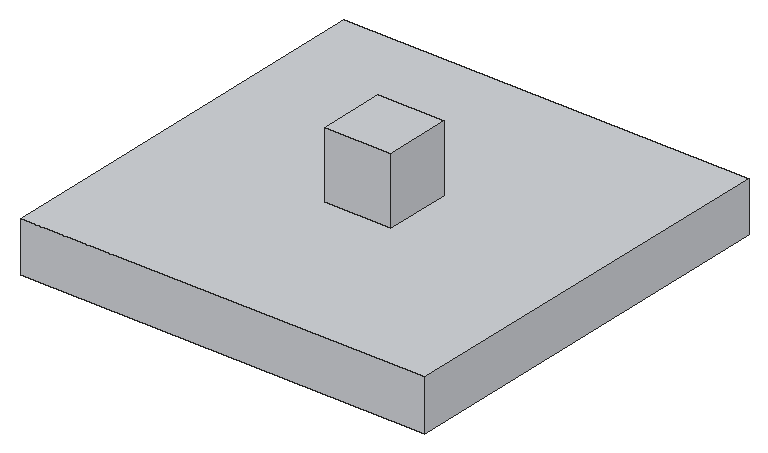
Revit family "プルボックス", category 電気設備, Revit 2020
Family settings
  ホスト = 面
  パネル構成 = 二列表示、回路横
  丸型コネクタ寸法 = 直径を使用
  パーツ タイプ = 分電盤
  ロード時にボイドで切り取り = いいえ
  共有 = いいえ
  部屋計算ポイント = いいえ
Parameters
  長さ3 [instance] = 400 mm
  長さ2 [instance] = 400 mm
  長さ1 [instance] = 400 mm
  構造マテリアル [instance] = none
  Default Elevation = 1219.2 mm
Reference planes
  plane 1 "中心(正面/背面)": y = 0
  plane 2: z = 0
  plane 3 "中心(左/右)": x = 0
Forms (mm)
  Extrusion 1, solid
    sketch origin (0, 0, 0) x (1, 0, 0) y (0, 1, 0)
      loop
        line (-1219.2, 1219.2) -> (-1219.2, -1219.2) -> (1219.2, -1219.2) -> (1219.2, 1219.2) -> (-1219.2, 1219.2)
    from 0 to -304.8
  Extrusion 2, solid, material <- "構造マテリアル"
    sketch origin (0, 0, 0) x (1, 0, 0) y (0, 1, 0)
      loop
        line (-200, 200) -> (-200, -200) -> (200, -200) -> (200, 200) -> (-200, 200)
    from 0 to 400
Lines and regions (mm)
  reference lines
    curve 1: line (-200, -200, 0) -> (-200, 200, 0)
    curve 2: line (200, 200, 0) -> (200, -200, 0)
    curve 3: line (200, -200, 0) -> (-200, -200, 0)
    curve 4: line (-200, 200, 0) -> (200, 200, 0)
    curve 5: line (-480, 0, 0) -> (520, 0, 0)
    curve 6: line (-200, 0, 400) -> (200, 0, 400)
Dimensions and locks
  equal spacing: curve 4, plane 1 "中心(正面/背面)", curve 3
  equal spacing: curve 1, plane 3 "中心(左/右)", curve 2
  "長さ2": curve 4 to curve 3
  "長さ1": curve 1 to curve 2
  "長さ3": curve 6 to curve 5
  equal spacing: curve 6, plane 3 "中心(左/右)", curve 6
  equal spacing: curve 3, plane 3 "中心(左/右)", curve 3
  "長さ1": curve 6 to curve 6
  "長さ1": curve 3 to curve 3
  aligned and locked: plane 2 to Extrusion 1
  aligned and locked: level to Extrusion 1
  aligned and locked: Extrusion 2 to curve 1  (x3)
  aligned and locked: Extrusion 2 to curve 2
  aligned and locked: Extrusion 2 to curve 6
Automatic sketch dimensions
  Extrusion 1 sketch curve to Extrusion 1 sketch curve = 2438.4 mm  (x2)
  Extrusion 2 sketch curve to plane 3 "中心(左/右)" = 200 mm
  plane 3 "中心(左/右)" to Extrusion 2 sketch curve = 200 mm
  plane 1 "中心(正面/背面)" to Extrusion 2 sketch curve = 200 mm
  Extrusion 2 sketch curve to plane 1 "中心(正面/背面)" = 200 mm
  curve 5 to level = 0 mm
  curve 5 to plane 3 "中心(左/右)" = 480 mm
  curve 6 to curve 5 = 320 mm
